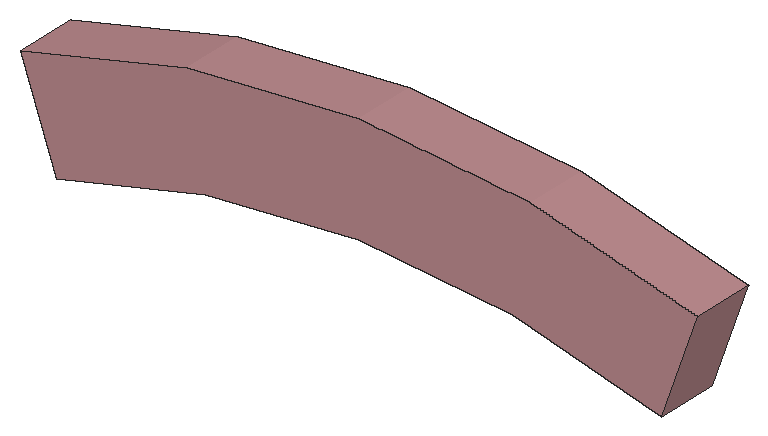
Revit family
Parameters (values of type "125 x 215mm Deep")
  Radius of Head = 1800.0 mm
  Opening Width [instance] = 1200.0 mm
  Material Head = Masonry - Brick Soldier Course
  Keynote = "F10"
  Height to U/S Lintol [instance] = 2110.0 mm
  DONT CHANGE - Upper radius = Radius of Head + Cill Lintol Depth  # 2015.0 mm
  Cill/Lintol Width = 125.0 mm
  Cill/Lintol Offset from Ext = 25.0 mm
  Cill/Lintol Length [instance] = 1500.0 mm
  Cill Lintol Depth = 215.0 mm
Types (2, lengths in mm): name | Opening Width | Material Head | DONT CHANGE - Upper radius | Cill/Lintol Length | Cill Lintol Depth
  125 x 215mm Deep | 1200.0 | Masonry - Brick Soldier Course | 2015.0 | 1500.0 | 215.0
  125 x 150mm Deep | 1210.0 | none | 1950.0 | 1510.0 | 150.0
Reference planes
  plane 1 "Wall": y = -11.298
  plane 2 "Center (Left/Right)": x = 161.814
  plane 3 "Back": y = 138.702
  plane 4 "U/S Lintol": z = 2325
  plane 5: x = 761.814
  plane 6: x = -438.186
  plane 7: y = 163.702
  plane 8: y = 38.702
  plane 9: z = 2110
Forms (mm)
  Extrusion 1, void
    sketch origin (0, 138.702, 0) x (-1, 0, 0) y (0, 0, 1)
      loop
        line (438.186, 2110) -> (509.852, 2312.704)
        arc (509.852, 2312.704) -> (-161.814, 2427.944) -> (-833.481, 2312.704) r 2015
        line (-833.481, 2312.704) -> (-761.814, 2110)
        arc (-761.814, 2110) -> (-161.814, 2212.944) -> (438.186, 2110) r 1800
    from 0 to -100
  Extrusion 2, solid, material "Masonry - Brick Soldier Course" <- "Material Head"
    sketch origin (0, 138.702, 0) x (1, 0, 0) y (0, 0, 1)
      loop
        arc (-438.186, 2110) -> (161.814, 2212.944) -> (761.814, 2110) r 1800
        line (761.814, 2110) -> (833.481, 2312.704)
        arc (833.481, 2312.704) -> (161.814, 2427.944) -> (-509.852, 2312.704) r 2015
        line (-509.852, 2312.704) -> (-438.186, 2110)
    from -25 to 100
Text (mm)
  text "Placement side" at (-1848.837, 1116.779, 0), in view "Ref. Level"
  text "Placement side" at (0, 1409.804, 2854.306), in view "Left"
  text "Placement side" at (0, 499.811, 2980.732), in view "Right"
Dimensions and locks
  locked: plane 3 "Back" to host wall
  equal spacing: plane 5, plane 2 "Center (Left/Right)", plane 6
  "Opening Width": plane 5 to plane 6
  "Cill/Lintol Offset from Ext": plane 3 "Back" to plane 7
  "Cill/Lintol Width": plane 8 to plane 7
  "Cill Lintol Depth": plane 9 to plane 4 "U/S Lintol"
  "Height to U/S Lintol": level to plane 9
  "Radius of Head": radius of Extrusion 2 sketch curve
  "DONT CHANGE - Upper radius": radius of Extrusion 2 sketch curve
  "Radius of Head": radius of Extrusion 1 sketch curve
  "DONT CHANGE - Upper radius": radius of Extrusion 1 sketch curve
  aligned and locked: plane 1 "Wall" to host wall
  aligned and locked: Extrusion 1 to plane 8
  aligned and locked: host wall to Extrusion 1
  aligned and locked: plane 7 to Extrusion 2
  aligned and locked: Extrusion 2 to plane 8
  aligned and locked: Extrusion 1 sketch curve to Extrusion 1 sketch curve  (x2)
  aligned and locked: Extrusion 2 sketch curve to Extrusion 2 sketch curve  (x2)
Automatic sketch dimensions
  Extrusion 1 sketch curve to Extrusion 1 sketch curve = 0.0 mm  (x2)
  Extrusion 2 sketch curve to Extrusion 2 sketch curve = 0.0 mm  (x2)
  Extrusion 2 sketch curve to plane 6 = 0.0 mm
  Extrusion 2 sketch curve to plane 5 = 0.0 mm
  Extrusion 1 sketch curve to plane 5 = 0.0 mm
  Extrusion 1 sketch curve to plane 2 "Center (Left/Right)" = 0.0 mm
  Extrusion 1 sketch curve to plane 6 = 0.0 mm
  Extrusion 1 sketch curve to plane 9 = 0.0 mm
  Extrusion 2 sketch curve to plane 2 "Center (Left/Right)" = 0.0 mm
  Extrusion 2 sketch curve to plane 9 = 0.0 mm
